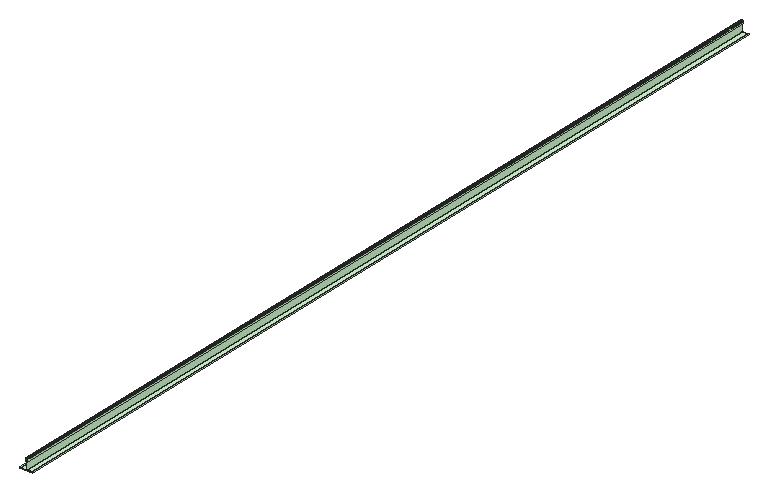
Revit family "アルミTバーeAT4050", category 機械設備, Revit 2020
Family settings
  丸型コネクタ寸法 = 直径を使用
  種別 = なし
  パーツ タイプ = 標準
  作業面ベース = いいえ
  常に垂直 = はい
  ロード時にボイドで切り取り = いいえ
  共有 = いいえ
  部屋計算ポイント = いいえ
Parameters
  製造元 = "株式会社桐井製作所"
  既定の高さ = 0 mm
  URL = "https://www.kirii.co.jp/"
  K_長さ(mm) [instance] = 3600 mm
  K_品名 = "アルミTバーeAT4050"
  K_名称 = "アルミTバー"
  K_入数 = "12"
  K_備考 = "定尺L=3000、L=3600"
  K_バージョン情報 = "20220915"
Reference planes
  plane 1 "中心(正面/背面)": y = 0
  plane 2: z = 0
  plane 3 "中心(左/右)": x = 0
  plane 4: y = 3600
Forms (mm)
  Extrusion 1, solid
    sketch origin (0, 0, 7.1) x (-1, 0, 0) y (0, 0, 1)
      loop
        line (0.65, 26.4) -> (1.75, 26.4) -> (2.4, 25.75) -> (2.4, 24.9) -> (3.5, 24.9) -> (3.5, 35.2) -> (1.367, 35.2) -> (1.008, 34.43) -> (1.346, 33.705) -> (1.008, 32.98) -> (1.346, 32.255) -> (1.008, 31.53) -> (1.346, 30.805) -> (0.828, 30.188) -> (1.288, 29.555) -> (2.2, 29.7) -> (2.2, 28.6) -> (1, 27.4) -> (-1, 27.4) -> (-2.2, 28.6) -> (-2.2, 30.191) -> (-1.383, 29.894) -> (-0.827, 30.45) -> (-1.172, 31.191) -> (-0.834, 31.916) -> (-1.172, 32.641) -> (-0.834, 33.366) -> (-1.308, 34.017) -> (-0.839, 34.662) -> (-1.579, 35.2) -> (-3.5, 35.2) -> (-3.5, 24.9) -> (-2.4, 24.9) -> (-2.4, 25.75) -> (-1.75, 26.4) -> (-0.65, 26.4) -> (-0.65, -5.6) -> (-2.4, -5.6) -> (-2.4, -4.8) -> (-3.5, -4.8) -> (-3.5, -5.6) -> (-21, -5.6) -> (-21, -4.8) -> (-25, -4.8) -> (-25, -7.1) -> (25, -7.1) -> (25, -4.8) -> (21, -4.8) -> (21, -5.6) -> (3.5, -5.6) -> (3.5, -4.8) -> (2.4, -4.8) -> (2.4, -5.6) -> (0.65, -5.6) -> (0.65, 26.4)
    from 0 to 3600
Dimensions and locks
  plane 4 to plane 1 "中心(正面/背面)" = 3600 mm
  "K_長さ(mm)": plane 4 to plane 1 "中心(正面/背面)"
  aligned and locked: level to plane 2
  aligned and locked: plane 4 to Extrusion 1
  aligned and locked: Extrusion 1 to plane 4
Automatic sketch dimensions
  Extrusion 1 sketch curve to level = 0 mm
  level to Extrusion 1 sketch curve = 2.3 mm
  plane 3 "中心(左/右)" to Extrusion 1 sketch curve = 25 mm
  level to Extrusion 1 sketch curve = 1.5 mm  (x2)
  Extrusion 1 sketch curve to Extrusion 1 sketch curve = 4 mm  (x2)
  plane 3 "中心(左/右)" to Extrusion 1 sketch curve = 3.5 mm  (x2)
  Extrusion 1 sketch curve to Extrusion 1 sketch curve = 1.1 mm  (x5)
  plane 3 "中心(左/右)" to Extrusion 1 sketch curve = 2.2 mm
  Extrusion 1 sketch curve to Extrusion 1 sketch curve = 0.65 mm  (x4)
  plane 3 "中心(左/右)" to Extrusion 1 sketch curve = 1.579 mm
  Extrusion 1 sketch curve to Extrusion 1 sketch curve = 0.817 mm
  Extrusion 1 sketch curve to Extrusion 1 sketch curve = 0.271 mm
  plane 3 "中心(左/右)" to Extrusion 1 sketch curve = 1.172 mm  (x2)
  plane 3 "中心(左/右)" to Extrusion 1 sketch curve = 1 mm
  Extrusion 1 sketch curve to Extrusion 1 sketch curve = 0.469 mm
  Extrusion 1 sketch curve to Extrusion 1 sketch curve = 0.338 mm  (x5)
  Extrusion 1 sketch curve to Extrusion 1 sketch curve = 0.556 mm  (x2)
  plane 3 "中心(左/右)" to Extrusion 1 sketch curve = 0.65 mm
  Extrusion 1 sketch curve to plane 3 "中心(左/右)" = 0.65 mm
  Extrusion 1 sketch curve to plane 3 "中心(左/右)" = 0.828 mm
  Extrusion 1 sketch curve to plane 3 "中心(左/右)" = 1 mm
  Extrusion 1 sketch curve to plane 3 "中心(左/右)" = 1.008 mm  (x3)
  Extrusion 1 sketch curve to Extrusion 1 sketch curve = 0.46 mm
  Extrusion 1 sketch curve to Extrusion 1 sketch curve = 0.359 mm
  Extrusion 1 sketch curve to Extrusion 1 sketch curve = 0.912 mm
  Extrusion 1 sketch curve to Extrusion 1 sketch curve = 1.75 mm
  Extrusion 1 sketch curve to Extrusion 1 sketch curve = 17.5 mm
  Extrusion 1 sketch curve to Extrusion 1 sketch curve = 0 mm  (x3)
  Extrusion 1 sketch curve to Extrusion 1 sketch curve = 0.8 mm  (x3)
  Extrusion 1 sketch curve to Extrusion 1 sketch curve = 29.7 mm
  Extrusion 1 sketch curve to Extrusion 1 sketch curve = 0.85 mm  (x2)
  Extrusion 1 sketch curve to Extrusion 1 sketch curve = 1 mm
  Extrusion 1 sketch curve to Extrusion 1 sketch curve = 1.2 mm  (x2)
  Extrusion 1 sketch curve to Extrusion 1 sketch curve = 0.955 mm
  Extrusion 1 sketch curve to Extrusion 1 sketch curve = 0.145 mm
  Extrusion 1 sketch curve to Extrusion 1 sketch curve = 1.294 mm
  Extrusion 1 sketch curve to Extrusion 1 sketch curve = 0.633 mm
  Extrusion 1 sketch curve to Extrusion 1 sketch curve = 0.297 mm
  Extrusion 1 sketch curve to Extrusion 1 sketch curve = 0.617 mm
  Extrusion 1 sketch curve to Extrusion 1 sketch curve = 0.741 mm
  Extrusion 1 sketch curve to Extrusion 1 sketch curve = 0.725 mm  (x8)
  Extrusion 1 sketch curve to Extrusion 1 sketch curve = 0.651 mm
  Extrusion 1 sketch curve to Extrusion 1 sketch curve = 0.645 mm
  Extrusion 1 sketch curve to Extrusion 1 sketch curve = 0.77 mm
